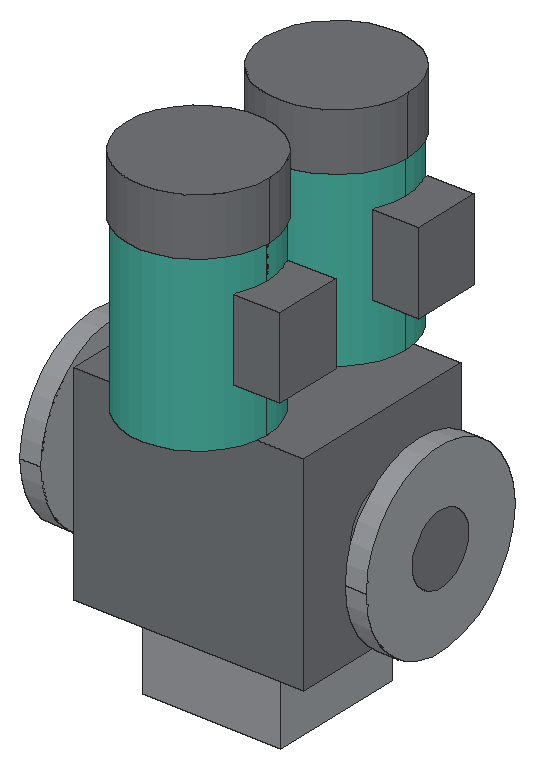
Revit family "PLB_Pompe-bouclage-ECS_Wilo-IPL", category Equipement de génie climatique, Revit 2026
Family settings
  Cote de connecteur circulaire = Utiliser le diamètre
  Type d'élément = Normal
  Basée sur le plan de construction = Non
  Toujours verticalement = Oui
  Couper avec des vides une fois chargée = Non
  Conserver l'orientation des annotations = Non
  Partagée = Non
  Repère de localisation dans la pièce = Non
Parameters (values of type "IPL / SXS")
  Source = "CCTP lot 12 § 9.4"
  Modèle = "IPL / SXS"
  Fabricant = "Wilo / Salmson"
  Elévation par défaut = 0 mm
  Description = "Pompe de bouclage ECS"
  Caractéristiques CCTP = "Double in-line ECS, 1 en secours, permutation automatique"
  A vérifier = "Dimensions approximatives"
Reference planes
  plane 1 "Centre (avant/arrière)": y = 0
  plane 2: z = 0
  plane 3 "Centre (gauche/droite)": x = 0
Forms (mm)
  Extrusion 1, solid, material "EHPAD_acier"
    sketch origin (0, 0, 0) x (1, 0, 0) y (0, 1, 0)
      loop
        line (-60, -60) -> (60, -60) -> (60, 60) -> (-60, 60) -> (-60, -60)
    from 0 to 70
  Extrusion 2, solid, material "EHPAD_anthracite"
    sketch origin (0, 0, 70) x (1, 0, 0) y (0, 1, 0)
      loop
        line (-100, -85) -> (100, -85) -> (100, 85) -> (-100, 85) -> (-100, -85)
    from 0 to 180
  Extrusion 3, solid, material "EHPAD_anthracite"
    sketch origin (-100, 0, 160) x (0, -1, 0) y (0, 0, 1)
      loop
        circle (0, 0) r 36.15
    from 0 to 30
  Extrusion 4, solid, material "EHPAD_anthracite"
    sketch origin (100, 0, 160) x (0, 1, 0) y (0, 0, 1)
      loop
        circle (0, 0) r 36.15
    from 0 to 30
  Extrusion 5, solid, material "EHPAD_anthracite"
    sketch origin (-130, 0, 160) x (0, -1, 0) y (0, 0, 1)
      loop
        circle (0, 0) r 30.15
    from 0 to 20
  Extrusion 6, solid, material "EHPAD_acier"
    sketch origin (-132, 0, 160) x (0, -1, 0) y (0, 0, 1)
      loop
        circle (0, 0) r 80.15
    from 0 to 18
  Extrusion 7, solid, material "EHPAD_anthracite"
    sketch origin (130, 0, 160) x (0, 1, 0) y (0, 0, 1)
      loop
        circle (0, 0) r 30.15
    from 0 to 20
  Extrusion 8, solid, material "EHPAD_acier"
    sketch origin (132, 0, 160) x (0, 1, 0) y (0, 0, 1)
      loop
        circle (0, 0) r 80.15
    from 0 to 18
  Extrusion 9, solid, material "EHPAD_vert"
    sketch origin (0, -75, 250) x (1, 0, 0) y (0, 1, 0)
      loop
        circle (0, 0) r 60
    from 0 to 150
  Extrusion 10, solid, material "EHPAD_anthracite"
    sketch origin (0, -75, 400) x (1, 0, 0) y (0, 1, 0)
      loop
        circle (0, 0) r 62
    from 0 to 50
  Extrusion 11, solid, material "EHPAD_anthracite"
    sketch origin (0, 0, 300) x (1, 0, 0) y (0, 1, 0)
      loop
        line (55, -105) -> (95, -105) -> (95, -45) -> (55, -45) -> (55, -105)
    from 0 to 70
  Extrusion 12, solid, material "EHPAD_vert"
    sketch origin (0, 75, 250) x (1, 0, 0) y (0, 1, 0)
      loop
        circle (0, 0) r 60
    from 0 to 150
  Extrusion 13, solid, material "EHPAD_anthracite"
    sketch origin (0, 75, 400) x (1, 0, 0) y (0, 1, 0)
      loop
        circle (0, 0) r 62
    from 0 to 50
  Extrusion 14, solid, material "EHPAD_anthracite"
    sketch origin (0, 0, 300) x (1, 0, 0) y (0, 1, 0)
      loop
        line (55, 45) -> (95, 45) -> (95, 105) -> (55, 105) -> (55, 45)
    from 0 to 70
Dimensions and locks
  aligned and locked: level to plane 2
Connectors
  piping at (-150, 0, 160), diameter 50
    settings: on Extrusion 5, index 1, connector inside diameter 609.6 mm, connector length 0 mm, flow factor 0, pipe flow 0.0 L/s, pressure drop 0.0 Pa, fitting loss kfactor 0, connector angle 0.00°, fixture units 0, engagement length 0 mm, angle of deflection 0.00°, flow configuration 0, flow direction 0, fitting loss method 0, system type 19, joint type 0, gender type 0, connector reference index -1, connector utility 0, adjustable connector no, is connector primary yes, connector description "Aspiration bouclage ECS"
  piping at (150, 0, 160), diameter 50
    settings: on Extrusion 7, index 2, connector inside diameter 609.6 mm, connector length 0 mm, flow factor 0, pipe flow 0.0 L/s, pressure drop 0.0 Pa, fitting loss kfactor 0, connector angle 0.00°, fixture units 0, engagement length 0 mm, angle of deflection 0.00°, flow configuration 0, flow direction 0, fitting loss method 0, system type 19, joint type 0, gender type 0, connector reference index -1, connector utility 0, adjustable connector no, is connector primary no, connector description "Refoulement bouclage ECS"
